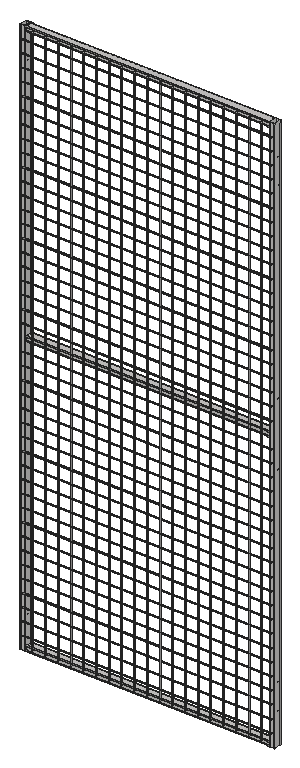
Revit family "conv_troax_wall_separator_ux450", category Sonderausstattung, Revit 2017
Family settings
  Bemaßung runder Anschluss = Durchmesser verwenden
  Teiletyp = Normal
  OmniClass-Nummer = 23.25.40.00
  OmniClass-Titel = Space Division Products
  Arbeitsebenenbasiert = Nein
  Immer vertikal = Ja
  Beim Laden mit Abzugskörper schneiden = Nein
  Gemeinsam genutzt = Nein
  Raumberechnungspunkt = Nein
Parameters (values of type "Caelum mesh panel UX450 1000mm")
  WarrantyStartDate [instance] = "n/a"
  WarrantyGuarantorParts = "n/a"
  WarrantyGuarantorLabor = "n/a"
  WarrantyDurationUnit = "Year"
  WarrantyDurationParts = "n/a"
  WarrantyDurationLabor = "n/a"
  WarrantyDescription = "n/a"
  WallType = ux450 1000 : ux450 1000
  WallPanelMainMaterial = Steel, Carbon
  VersionDate = "08/11/2018"  # constant formula
  Version = "1"  # constant formula
  Uniclass2015Reference = "Pr_25_71_57_60"
  Uniclass2015Description = "Partition panels"
  Uniclass2 = "Pr_25_71_57_60"
  URL = ""
  Type Comments = ""
  TagNumber [instance] = "n/a"
  SustainabilityPerformance = "n/a"
  Size = "32x2200x1000 mm"
  Shape = "Sculptured"
  SerialNumber [instance] = "n/a"
  Revision = "n/a"
  ReplacementCost = "n/a"
  ProductInformation = "Caelum mesh partitioning is a modular system available in various widths and heights that is suitable for industrial storage applications."
  ProductDatasheet = "https://www.troax.com/sites/all/files/files/troax_-_ux_450_caelum_-_2013-07-03.pdf"
  NominalWidth = 1000 mm
  NominalThickness = 0 mm
  NominalHeight = 2200 mm
  NominalDepth = 32 mm
  Name = "Wall_Separator_UX450_1000"
  NBSReference = "45-35-80/420"
  NBSDescription = "Panel partitions"
  ModelReference = "n/a"
  ModelNumber = "n/a"
  Material = "Carbon steel"
  ManufacturerURL = "https://www.troax.com/gb"
  ManufacturerName = "Troax"
  Modell = "Caelum mesh panel UX450 1000mm"
  Hersteller = "Troax"
  MainColor = "Grey"
  InstallationDate [instance] = "n/a"
  IfcExportType = "FENCE"  # constant formula
  IfcExportAs = "IfcSystemFurnitureElementTypePanel"  # constant formula
  HasOpening = yes
  Grade = "n/a"
  FurniturePanelType = "Other"  # constant formula
  Finish = "Powder coated as standard with a grey RAL 7037 finish; however other RAL colors are available upon request, panels can also be supplied hot dip galvanized for external use or in cold storage areas."
  Features = "Mesh panels can be modified on-site to fit any space, providing security where required."
  ExpectedLife = "n/a"
  DurationUnit = "Year"
  Beschreibung = "Caelum mesh partitioning is a modular system available in various widths and heights that is suitable for industrial storage applications. Mesh panels can be modified on-site to fit any space, providing security where required. Applications can range from 800 mm high to a complete floor to ceiling wall. Panels are constructed with a sturdy welded frame that provides added strength. The system is fully demountable and relocatable, and allows natural light and ventilation. Panels are supplied powder coated as standard with a grey RAL 7037 finish; however other RAL colors are available upon request. Panels can also be supplied hot dip galvanized for external use or in cold storage areas."
  Kosten = 0
  ConvergoRefNr = "0054-1811-0021-SE"
  Constituents = "n/a"
  Color = "Grey"
  Collection = "Caelum"
  CodePerformance = "n/a"
  Barcode [instance] = "n/a"
  AssetIdentifier [instance] = "n/a"
  Category = "Mesh partitions"
  Brand = "Troax"
  Author = "Convergo AB"  # constant formula
  AssetType = "Fixed"
  AccessibilityPerformance = "n/a"
Types (9, lengths in mm): name | WallType | URL | Size | NominalWidth | Name | Modell | ConvergoRefNr
  (no name) | ux450 1000 : ux450 1000 | "" | "32x2200x1000 mm" | 1000 | "Wall_Separator_UX450_1000" | "Caelum mesh panel UX450 1000mm" | "0054-1811-0021-SE"
  Caelum mesh panel UX450 200mm | ux450 200 : ux450 200 | "https://www.troax.com/ro/warehouse-partitioning/warehouse-partitions-and-industrial-partitions#qt-related-product-index=1" | "32x2200x200 mm" | 200 | "Wall_Separator_UX450_200" | "Caelum mesh panel UX450 200mm" | "0054-1811-0016-SE"
  Caelum mesh panel UX450 300mm | ux450 300 : ux450 300 | "https://www.troax.com/ro/warehouse-partitioning/warehouse-partitions-and-industrial-partitions#qt-related-product-index=1" | "32x2200x300 mm" | 300 | "Wall_Separator_UX450_300" | "Caelum mesh panel UX450 300mm" | "0054-1811-0017-SE"
  Caelum mesh panel UX450 700mm | ux450 700 : ux450 700 | "https://www.troax.com/ro/warehouse-partitioning/warehouse-partitions-and-industrial-partitions#qt-related-product-index=1" | "32x2200x700 mm" | 700 | "Wall_Separator_UX450_700" | "Caelum mesh panel UX450 700mm" | "0054-1811-0019-SE"
  Caelum mesh panel UX450 500mm | ux450 500 : ux450 500 | "https://www.troax.com/ro/warehouse-partitioning/warehouse-partitions-and-industrial-partitions#qt-related-product-index=1" | "32x2200x500 mm" | 500 | "Wall_Separator_UX450_500" | "Caelum mesh panel UX450 500mm" | "0054-1811-0018-SE"
  Caelum mesh panel UX450 1000mm | ux450 1000 : ux450 1000 | "" | "32x2200x1000 mm" | 1000 | "Wall_Separator_UX450_1000" | "Caelum mesh panel UX450 1000mm" | "0054-1811-0021-SE"
  Caelum mesh panel UX450 1200mm | ux450 1200 : ux450 1200 | "https://www.troax.com/ro/warehouse-partitioning/warehouse-partitions-and-industrial-partitions#qt-related-product-index=1" | "32x2200x1200 mm" | 1200 | "Wall_Separator_UX450_1200" | "Caelum mesh panel UX450 1200mm" | "0054-1811-0022-SE"
  Caelum mesh panel UX450 1500mm | ux450 1500 : ux450 1500 | "https://www.troax.com/ro/warehouse-partitioning/warehouse-partitions-and-industrial-partitions#qt-related-product-index=1" | "32x2200x1500 mm" | 1500 | "Wall_Separator_UX450_1500" | "Caelum mesh panel UX450 1500mm" | "0054-1811-0023-SE"
  Caelum mesh panel UX450 800mm | ux450 800 : ux450 800 | "https://www.troax.com/ro/warehouse-partitioning/warehouse-partitions-and-industrial-partitions#qt-related-product-index=1" | "32x2200x800 mm" | 800 | "Wall_Separator_UX450_800" | "Caelum mesh panel UX450 800mm" | "0054-1811-0020-SE"
Reference planes
  plane 1 "Center (Front/Back)": y = 0
  plane 2: z = 0
  plane 3 "Center (Left/Right)": x = 0
  plane 4: x = -500
  plane 5: x = 500
  plane 6: z = 2200
  plane 7: y = 16
  plane 8: y = -16
Dimensions and locks
  equal spacing: plane 4, plane 3 "Center (Left/Right)", plane 5
  "NominalWidth": plane 4 to plane 5
  "NominalHeight": plane 6 to level
  equal spacing: plane 7, plane 1 "Center (Front/Back)", plane 8
  "NominalDepth": plane 7 to plane 8
  aligned and locked: level to plane 2
Nested families
  nested 1: "ux450 1000" at (0, 0, 0), type <- "WallType", MeshMaterial <- "WallPanelMainMaterial", type "ux450 1000"
    with MeshMaterial Steel, Carbon
Definition of nested family "ux450 1000"
  Parameters (values of type "ux450 1000")
    MeshMaterial [instance] = none
  Reference planes
    plane 1 "Center (Front/Back)": y = 0
    plane 2: z = 0
    plane 3 "Center (Left/Right)": x = 0
    plane 4: x = 500
    plane 5: x = -500
    plane 6: z = 2200
    plane 7: y = 16
    plane 8: y = -16
  Forms (mm)
    Extrusion 1, solid, material <- "MeshMaterial", detail levels medium+fine
      sketch origin (0, 0.7, 0) x (1, 0, 0) y (0, 1, 0)
        loop
          circle (-50, -15.2) r 1.5
        loop
          circle (0, -15.2) r 1.5
        loop
          circle (50, -15.2) r 1.5
        loop
          circle (-100, -15.2) r 1.5
        loop
          circle (100, -15.2) r 1.5
        loop
          circle (150, -15.2) r 1.5
        loop
          circle (200, -15.2) r 1.5
        loop
          circle (-150, -15.2) r 1.5
        loop
          circle (-200, -15.2) r 1.5
        loop
          circle (-250, -15.2) r 1.5
        loop
          circle (-300, -15.2) r 1.5
        loop
          circle (250, -15.2) r 1.5
        loop
          circle (300, -15.2) r 1.5
        loop
          circle (-350, -15.2) r 1.5
        loop
          circle (350, -15.2) r 1.5
        loop
          circle (-400, -15.2) r 1.5
        loop
          circle (-450, -15.2) r 1.5
        loop
          circle (400, -15.2) r 1.5
        loop
          circle (450, -15.2) r 1.5
      from 10 to 2190
    Extrusion 2, solid, material <- "MeshMaterial", detail levels medium+fine
      sketch origin (0, -4.65, 0) x (0, 1, 0) y (0, 0, 1)
        loop
          circle (-8.5, 2150) r 1.85
        loop
          circle (-8.5, 2100) r 1.85
        loop
          circle (-8.5, 2050) r 1.85
        loop
          circle (-8.5, 2000) r 1.85
        loop
          circle (-8.5, 1950) r 1.85
        loop
          circle (-8.5, 1900) r 1.85
        loop
          circle (-8.5, 1850) r 1.85
        loop
          circle (-8.5, 1800) r 1.85
        loop
          circle (-8.5, 1750) r 1.85
        loop
          circle (-8.5, 1700) r 1.85
        loop
          circle (-8.5, 1650) r 1.85
        loop
          circle (-8.5, 1600) r 1.85
        loop
          circle (-8.5, 1550) r 1.85
        loop
          circle (-8.5, 1500) r 1.85
        loop
          circle (-8.5, 1450) r 1.85
        loop
          circle (-8.5, 1400) r 1.85
        loop
          circle (-8.5, 1350) r 1.85
        loop
          circle (-8.5, 1300) r 1.85
        loop
          circle (-8.5, 1250) r 1.85
        loop
          circle (-8.5, 1200) r 1.85
        loop
          circle (-8.5, 1150) r 1.85
        loop
          circle (-8.5, 1050) r 1.85
        loop
          circle (-8.5, 1000) r 1.85
        loop
          circle (-8.5, 950) r 1.85
        loop
          circle (-8.5, 900) r 1.85
        loop
          circle (-8.5, 850) r 1.85
        loop
          circle (-8.5, 800) r 1.85
        loop
          circle (-8.5, 750) r 1.85
        loop
          circle (-8.5, 700) r 1.85
        loop
          circle (-8.5, 650) r 1.85
        loop
          circle (-8.5, 600) r 1.85
        loop
          circle (-8.5, 550) r 1.85
        loop
          circle (-8.5, 500) r 1.85
        loop
          circle (-8.5, 450) r 1.85
        loop
          circle (-8.5, 400) r 1.85
        loop
          circle (-8.5, 350) r 1.85
        loop
          circle (-8.5, 300) r 1.85
        loop
          circle (-8.5, 250) r 1.85
        loop
          circle (-8.5, 200) r 1.85
        loop
          circle (-8.5, 150) r 1.85
        loop
          circle (-8.5, 100) r 1.85
        loop
          circle (-8.5, 50) r 1.85
      from -490.001 to 490
    Extrusion 3, solid, material <- "MeshMaterial", detail levels medium+fine
      sketch origin (-100, 0, 0) x (1, 0, 0) y (0, 1, 0)
        loop
          line (-400, 14.5) -> (-400, -12.5)
          arc (-400, -12.5) -> (-399.561, -13.561) -> (-398.5, -14) r 1.5
          line (-398.5, -14) -> (-381.501, -14)
          arc (-381.501, -14) -> (-380.441, -13.561) -> (-380.001, -12.5) r 1.5
          line (-380.001, -12.5) -> (-380.001, 14.5)
          arc (-380.001, 14.5) -> (-380.441, 15.561) -> (-381.501, 16) r 1.5
          line (-381.501, 16) -> (-398.5, 16)
          arc (-398.5, 16) -> (-399.561, 15.561) -> (-400, 14.5) r 1.5
        loop
          line (-398.751, 14.75) -> (-398.751, -11.787) -> (-381.251, -11.787) -> (-381.251, 14.75) -> (-398.751, 14.75)
      from 0 to 2200
    Extrusion 4, solid, material <- "MeshMaterial", detail levels medium+fine
      sketch origin (-200, 0, 0) x (-1, 0, 0) y (0, -1, 0)
        loop
          line (-698.751, -14.75) -> (-681.251, -14.75) -> (-681.251, 12.75) -> (-698.751, 12.75) -> (-698.751, -14.75)
        loop
          line (-700, 12.5) -> (-700, -14.5)
          arc (-700, -14.5) -> (-699.561, -15.561) -> (-698.5, -16) r 1.5
          line (-698.5, -16) -> (-681.501, -16)
          arc (-681.501, -16) -> (-680.441, -15.561) -> (-680.001, -14.5) r 1.5
          line (-680.001, -14.5) -> (-680.001, 12.5)
          arc (-680.001, 12.5) -> (-680.441, 13.561) -> (-681.501, 14) r 1.5
          line (-681.501, 14) -> (-698.5, 14)
          arc (-698.5, 14) -> (-699.561, 13.561) -> (-700, 12.5) r 1.5
      from 0 to 2200
    Extrusion 5, solid, material <- "MeshMaterial", detail levels medium+fine
      sketch origin (0, 0, 0) x (0, 1, 0) y (0, 0, 1)
        loop
          line (14.7, 2200) -> (-12.787, 2200)
          arc (-12.787, 2200) -> (-14, 2198.25) -> (-12.787, 2196.5) r 1.869
          line (-12.787, 2196.5) -> (-12.787, 2184.5)
          arc (-12.787, 2184.5) -> (-13.988, 2182.75) -> (-12.787, 2181) r 1.875
          line (-12.787, 2181) -> (14.7, 2181)
          arc (14.7, 2181) -> (15.619, 2181.381) -> (16, 2182.3) r 1.3
          line (16, 2182.3) -> (16, 2198.7)
          arc (16, 2198.7) -> (15.619, 2199.619) -> (14.7, 2200) r 1.3
        loop
          line (15, 2182) -> (15, 2199) -> (-11.787, 2199) -> (-11.787, 2182) -> (15, 2182)
      from -480 to 480
    Extrusion 6, void
      sketch origin (0, -0.25, 0) x (0, 1, 0) y (0, 0, 1)
        loop
          circle (1.25, 2075) r 5
        loop
          circle (1.25, 1975) r 5
        loop
          circle (1.25, 1225) r 5
        loop
          circle (1.25, 975) r 5
        loop
          circle (1.25, 225) r 5
        loop
          circle (1.25, 125) r 5
      from -2443.968 to 2106.031
    Extrusion 7, solid, material <- "MeshMaterial", detail levels coarse
      sketch origin (0, 0, 0) x (1, 0, 0) y (0, 1, 0)
        loop
          line (-500, -16) -> (500, -16) -> (500, 16) -> (-500, 16) -> (-500, -16)
      from 0 to 2200
    Extrusion 8, solid, material <- "MeshMaterial", detail levels medium+fine
      sketch origin (0, 0, -1090.5) x (0, 1, 0) y (0, 0, 1)
        loop
          line (14.7, 2200) -> (-12.787, 2200)
          arc (-12.787, 2200) -> (-14, 2198.25) -> (-12.787, 2196.5) r 1.869
          line (-12.787, 2196.5) -> (-12.787, 2184.5)
          arc (-12.787, 2184.5) -> (-13.988, 2182.75) -> (-12.787, 2181) r 1.875
          line (-12.787, 2181) -> (14.7, 2181)
          arc (14.7, 2181) -> (15.619, 2181.381) -> (16, 2182.3) r 1.3
          line (16, 2182.3) -> (16, 2198.7)
          arc (16, 2198.7) -> (15.619, 2199.619) -> (14.7, 2200) r 1.3
        loop
          line (15, 2182) -> (15, 2199) -> (-11.787, 2199) -> (-11.787, 2182) -> (15, 2182)
      from -480 to 480
    Extrusion 9, solid, material <- "MeshMaterial", detail levels medium+fine
      sketch origin (0, 0, -2181) x (0, 1, 0) y (0, 0, 1)
        loop
          line (14.7, 2200) -> (-12.787, 2200)
          arc (-12.787, 2200) -> (-14, 2198.25) -> (-12.787, 2196.5) r 1.869
          line (-12.787, 2196.5) -> (-12.787, 2184.5)
          arc (-12.787, 2184.5) -> (-13.988, 2182.75) -> (-12.787, 2181) r 1.875
          line (-12.787, 2181) -> (14.7, 2181)
          arc (14.7, 2181) -> (15.619, 2181.381) -> (16, 2182.3) r 1.3
          line (16, 2182.3) -> (16, 2198.7)
          arc (16, 2198.7) -> (15.619, 2199.619) -> (14.7, 2200) r 1.3
        loop
          line (15, 2182) -> (15, 2199) -> (-11.787, 2199) -> (-11.787, 2182) -> (15, 2182)
      from -480 to 480
  Cuts and joins
    Extrusion 6 cuts Extrusion 4
    Extrusion 6 cuts Extrusion 3
  Lines and regions (mm)
    symbolic lines, detail levels medium+fine
      curve 1: line (0, 16, 2200) -> (0, 16, 0)
      curve 2: line (0, 16, 0) -> (0, -14, 0)
      curve 3: line (0, -14, 0) -> (0, -14, 10)
      curve 4: line (0, -14, 10) -> (0, -16, 10)
      curve 5: line (0, -16, 10) -> (0, -16, 2190)
      curve 6: line (0, -16, 2190) -> (0, -14, 2190)
      curve 7: line (0, -14, 2190) -> (0, -14, 2200)
      curve 8: line (0, -14, 2200) -> (0, 16, 2200)
      curve 22: line (-500, 0, 2200) -> (500, 0, 2200)
      curve 23: line (-500, 0, 0) -> (-500, 0, 2200)
      curve 24: line (500, 0, 0) -> (-500, 0, 0)
      curve 25: line (500, 0, 2200) -> (500, 0, 0)
    symbolic lines, detail levels fine
      curve 9: line (0, -14, 2190) -> (0, -14, 10)
      curve 10: arc (0, 6, 2075) -> (0, 1, 2080) -> (0, -4, 2075) r 5
      curve 11: arc (0, -4, 2075) -> (0, 1, 2070) -> (0, 6, 2075) r 5
      curve 12: arc (0, 6, 1975) -> (0, 1, 1980) -> (0, -4, 1975) r 5
      curve 13: arc (0, -4, 1975) -> (0, 1, 1970) -> (0, 6, 1975) r 5
      curve 14: arc (0, 6, 1225) -> (0, 1, 1230) -> (0, -4, 1225) r 5
      curve 15: arc (0, -4, 1225) -> (0, 1, 1220) -> (0, 6, 1225) r 5
      curve 16: arc (0, -4, 975) -> (0, 1, 970) -> (0, 6, 975) r 5
      curve 17: arc (0, 6, 975) -> (0, 1, 980) -> (0, -4, 975) r 5
      curve 18: arc (0, 6, 225) -> (0, 1, 230) -> (0, -4, 225) r 5
      curve 19: arc (0, -4, 225) -> (0, 1, 220) -> (0, 6, 225) r 5
      curve 20: arc (0, 6, 125) -> (0, 1, 130) -> (0, -4, 125) r 5
      curve 21: arc (0, -4, 125) -> (0, 1, 120) -> (0, 6, 125) r 5
      curve 26: line (-480, 0, 3.5) -> (480, 0, 3.5)
      curve 27: line (-480, 0, 19) -> (480, 0, 19)
      curve 28: line (-480, 0, 15.5) -> (480, 0, 15.5)
      curve 29: line (-480, 0, 2200) -> (-480, 0, 0)
      curve 30: line (-480, 0, 2196.5) -> (480, 0, 2196.5)
      curve 31: line (-480, 0, 2184.5) -> (480, 0, 2184.5)
      curve 32: line (-480, 0, 2181) -> (480, 0, 2181)
      curve 33: line (480, 0, 2200) -> (480, 0, 0)
      curve 34: line (-450, 0, 10) -> (-450, 0, 2190)
      curve 35: line (-400, 0, 10) -> (-400, 0, 2190)
      curve 36: line (-350, 0, 10) -> (-350, 0, 2190)
      curve 37: line (-480, 0, 1094) -> (480, 0, 1094)
      curve 38: line (-480, 0, 1109.5) -> (480, 0, 1109.5)
      curve 39: line (-480, 0, 1106) -> (480, 0, 1106)
      curve 40: line (-480, 0, 1090.5) -> (480, 0, 1090.5)
      curve 44: arc (-498.5, 16, 0) -> (-499.561, 15.561, 0) -> (-500, 14.5, 0) r 1.5
      curve 45: line (-481.501, 16, 0) -> (-498.5, 16, 0)
      curve 46: arc (-480.001, 14.5, 0) -> (-480.441, 15.561, 0) -> (-481.501, 16, 0) r 1.5
      curve 47: line (-480.001, -12.5, 0) -> (-480.001, 14.5, 0)
      curve 48: line (-500, 14.5, 0) -> (-500, -12.5, 0)
      curve 49: arc (-500, -12.5, 0) -> (-499.561, -13.561, 0) -> (-498.5, -14, 0) r 1.5
      curve 50: line (-498.5, -14, 0) -> (-481.501, -14, 0)
      curve 51: arc (-481.501, -14, 0) -> (-480.441, -13.561, 0) -> (-480.001, -12.5, 0) r 1.5
      curve 52: line (-481.251, 14.75, 0) -> (-481.251, -12.75, 0)
      curve 53: line (-481.251, -12.75, 0) -> (-498.751, -12.75, 0)
      curve 54: line (-498.751, -12.75, 0) -> (-498.751, 14.75, 0)
      curve 55: line (-498.751, 14.75, 0) -> (-481.251, 14.75, 0)
      curve 56: line (-490.001, -12.75, 0) -> (-490.001, -11.284, 0)
      curve 57: line (-490.001, -11.284, 0) -> (-481.251, -11.284, 0)
      curve 58: line (-490.001, -14, 0) -> (-490.001, -15, 0)
      curve 59: line (-490.001, -15, 0) -> (-451.414, -15, 0)
      curve 61: arc (498.5, 16, 0) -> (499.561, 15.561, 0) -> (500, 14.5, 0) r 1.5
      curve 62: line (481.501, 16, 0) -> (498.5, 16, 0)
      curve 63: arc (480.001, 14.5, 0) -> (480.441, 15.561, 0) -> (481.501, 16, 0) r 1.5
      curve 64: line (480.001, -12.5, 0) -> (480.001, 14.5, 0)
      curve 65: line (500, 14.5, 0) -> (500, -12.5, 0)
      curve 66: arc (500, -12.5, 0) -> (499.561, -13.561, 0) -> (498.5, -14, 0) r 1.5
      curve 67: line (498.5, -14, 0) -> (481.501, -14, 0)
      curve 68: arc (481.501, -14, 0) -> (480.441, -13.561, 0) -> (480.001, -12.5, 0) r 1.5
      curve 69: line (481.251, 14.75, 0) -> (481.251, -12.75, 0)
      curve 70: line (481.251, -12.75, 0) -> (498.751, -12.75, 0)
      curve 71: line (498.751, -12.75, 0) -> (498.751, 14.75, 0)
      curve 72: line (498.751, 14.75, 0) -> (481.251, 14.75, 0)
      curve 73: line (490.001, -12.75, 0) -> (490.001, -11.284, 0)
      curve 74: line (490.001, -11.284, 0) -> (481.251, -11.284, 0)
      curve 75: line (490.001, -14, 0) -> (490.001, -15, 0)
      curve 76: line (-480.001, 14.5, 0) -> (-480.001, 16, 0)
      curve 77: line (480.001, 16, 0) -> (480.001, 14.5, 0)
      curve 78: line (-480.001, -12.5, 0) -> (-480.001, -13.988, 0)
      curve 79: line (480.001, -13.988, 0) -> (480.001, -12.5, 0)
      curve 80: line (480.001, -13.988, 0) -> (-480.001, -13.988, 0)
      curve 81: arc (-51.41, -13.988, 0) -> (-50, -16, 0) -> (-48.59, -13.988, 0) r 1.5
      curve 82: arc (-1.41, -13.988, 0) -> (0, -16, 0) -> (1.41, -13.988, 0) r 1.5
      curve 83: arc (51.41, -13.988, 0) -> (50, -16, 0) -> (48.59, -13.988, 0) r 1.5
      curve 84: line (-48.586, -15, 0) -> (-1.414, -15, 0)
      curve 85: line (1.414, -15, 0) -> (48.586, -15, 0)
      curve 86: line (451.414, -15, 0) -> (490.001, -15, 0)
      curve 87: arc (101.41, -13.988, 0) -> (100, -16, 0) -> (98.59, -13.988, 0) r 1.5
      curve 88: line (51.414, -15, 0) -> (98.586, -15, 0)
      curve 89: arc (-101.41, -13.988, 0) -> (-100, -16, 0) -> (-98.59, -13.988, 0) r 1.5
      curve 90: line (-98.586, -15, 0) -> (-51.414, -15, 0)
      curve 91: line (450, 0, 10) -> (450, 0, 2190)
      curve 92: line (-100, 0, 10) -> (-100, 0, 2190)
      curve 93: arc (0, -14, 2151.643) -> (0, -15, 2150) -> (0, -14, 2148.357) r 1.85
      curve 94: arc (0, -14, 2101.643) -> (0, -15, 2100) -> (0, -14, 2098.357) r 1.85
      curve 95: arc (0, -14, 2051.643) -> (0, -15, 2050) -> (0, -14, 2048.357) r 1.85
      curve 96: arc (0, -14, 2001.643) -> (0, -15, 2000) -> (0, -14, 1998.357) r 1.85
      curve 97: arc (0, -14, 1951.643) -> (0, -15, 1950) -> (0, -14, 1948.357) r 1.85
      curve 98: arc (0, -14, 1901.643) -> (0, -15, 1900) -> (0, -14, 1898.357) r 1.85
      curve 99: arc (0, -14, 1851.643) -> (0, -15, 1850) -> (0, -14, 1848.357) r 1.85
      curve 100: arc (0, -14, 1801.643) -> (0, -15, 1800) -> (0, -14, 1798.357) r 1.85
      curve 101: arc (0, -14, 1751.643) -> (0, -15, 1750) -> (0, -14, 1748.357) r 1.85
      curve 102: arc (0, -14, 1701.643) -> (0, -15, 1700) -> (0, -14, 1698.357) r 1.85
      curve 103: arc (0, -14, 1651.643) -> (0, -15, 1650) -> (0, -14, 1648.357) r 1.85
      curve 104: arc (0, -14, 1601.643) -> (0, -15, 1600) -> (0, -14, 1598.357) r 1.85
      curve 105: arc (0, -14, 1551.643) -> (0, -15, 1550) -> (0, -14, 1548.357) r 1.85
      curve 106: arc (0, -14, 1501.643) -> (0, -15, 1500) -> (0, -14, 1498.357) r 1.85
      curve 107: arc (0, -14, 1451.643) -> (0, -15, 1450) -> (0, -14, 1448.357) r 1.85
      curve 108: arc (0, -14, 1401.643) -> (0, -15, 1400) -> (0, -14, 1398.357) r 1.85
      curve 109: arc (0, -14, 1351.643) -> (0, -15, 1350) -> (0, -14, 1348.357) r 1.85
      curve 110: arc (0, -14, 1301.643) -> (0, -15, 1300) -> (0, -14, 1298.357) r 1.85
      curve 111: arc (0, -14, 1251.643) -> (0, -15, 1250) -> (0, -14, 1248.357) r 1.85
      curve 112: arc (0, -14, 1201.643) -> (0, -15, 1200) -> (0, -14, 1198.357) r 1.85
      curve 113: arc (0, -14, 1151.643) -> (0, -15, 1150) -> (0, -14, 1148.357) r 1.85
      curve 114: arc (0, -14, 1051.643) -> (0, -15, 1050) -> (0, -14, 1048.357) r 1.85
      curve 115: arc (0, -14, 1001.643) -> (0, -15, 1000) -> (0, -14, 998.357) r 1.85
      curve 116: arc (0, -14, 951.643) -> (0, -15, 950) -> (0, -14, 948.357) r 1.85
      curve 117: arc (0, -14, 901.643) -> (0, -15, 900) -> (0, -14, 898.357) r 1.85
      curve 118: arc (0, -14, 851.643) -> (0, -15, 850) -> (0, -14, 848.357) r 1.85
      curve 119: arc (0, -14, 801.643) -> (0, -15, 800) -> (0, -14, 798.357) r 1.85
      curve 120: arc (0, -14, 751.643) -> (0, -15, 750) -> (0, -14, 748.357) r 1.85
      curve 121: arc (0, -14, 701.643) -> (0, -15, 700) -> (0, -14, 698.357) r 1.85
      curve 122: arc (0, -14, 651.643) -> (0, -15, 650) -> (0, -14, 648.357) r 1.85
      curve 123: arc (0, -14, 601.643) -> (0, -15, 600) -> (0, -14, 598.357) r 1.85
      curve 124: arc (0, -14, 551.643) -> (0, -15, 550) -> (0, -14, 548.357) r 1.85
      curve 125: arc (0, -14, 501.643) -> (0, -15, 500) -> (0, -14, 498.357) r 1.85
      curve 126: arc (0, -14, 451.643) -> (0, -15, 450) -> (0, -14, 448.357) r 1.85
      curve 127: arc (0, -14, 401.643) -> (0, -15, 400) -> (0, -14, 398.357) r 1.85
      curve 128: arc (0, -14, 351.643) -> (0, -15, 350) -> (0, -14, 348.357) r 1.85
      curve 129: arc (0, -14, 301.643) -> (0, -15, 300) -> (0, -14, 298.357) r 1.85
      curve 130: arc (0, -14, 251.643) -> (0, -15, 250) -> (0, -14, 248.357) r 1.85
      curve 131: arc (0, -14, 201.643) -> (0, -15, 200) -> (0, -14, 198.357) r 1.85
      curve 132: arc (0, -14, 151.643) -> (0, -15, 150) -> (0, -14, 148.357) r 1.85
      curve 133: arc (0, -14, 101.643) -> (0, -15, 100) -> (0, -14, 98.357) r 1.85
      curve 134: arc (0, -14, 51.643) -> (0, -15, 50) -> (0, -14, 48.357) r 1.85
      curve 135: arc (-151.41, -13.988, 0) -> (-150, -16, 0) -> (-148.59, -13.988, 0) r 1.5
      curve 136: line (-148.586, -15, 0) -> (-101.414, -15, 0)
      curve 137: arc (-201.41, -13.988, 0) -> (-200, -16, 0) -> (-198.59, -13.988, 0) r 1.5
      curve 138: line (-198.586, -15, 0) -> (-151.414, -15, 0)
      curve 139: arc (151.41, -13.988, 0) -> (150, -16, 0) -> (148.59, -13.988, 0) r 1.5
      curve 140: line (101.414, -15, 0) -> (148.586, -15, 0)
      curve 141: arc (201.41, -13.988, 0) -> (200, -16, 0) -> (198.59, -13.988, 0) r 1.5
      curve 142: line (151.414, -15, 0) -> (198.586, -15, 0)
      curve 143: line (-300, 0, 10) -> (-300, 0, 2190)
      curve 144: line (-250, 0, 10) -> (-250, 0, 2190)
      curve 145: line (-200, 0, 10) -> (-200, 0, 2190)
      curve 146: line (-150, 0, 10) -> (-150, 0, 2190)
      curve 147: arc (-251.41, -13.988, 0) -> (-250, -16, 0) -> (-248.59, -13.988, 0) r 1.5
      curve 148: line (-248.586, -15, 0) -> (-201.414, -15, 0)
      curve 149: arc (-301.41, -13.988, 0) -> (-300, -16, 0) -> (-298.59, -13.988, 0) r 1.5
      curve 150: line (-298.586, -15, 0) -> (-251.414, -15, 0)
      curve 151: arc (251.41, -13.988, 0) -> (250, -16, 0) -> (248.59, -13.988, 0) r 1.5
      curve 152: line (201.414, -15, 0) -> (248.586, -15, 0)
      curve 153: arc (301.41, -13.988, 0) -> (300, -16, 0) -> (298.59, -13.988, 0) r 1.5
      curve 154: line (251.414, -15, 0) -> (298.586, -15, 0)
      curve 155: line (-50, 0, 10) -> (-50, 0, 2190)
      curve 156: line (200, 0, 10) -> (200, 0, 2190)
      curve 157: line (350, 0, 10) -> (350, 0, 2190)
      curve 158: line (400, 0, 10) -> (400, 0, 2190)
      curve 159: line (-490, 0, 50) -> (490, 0, 50)
      curve 160: arc (-351.41, -13.988, 0) -> (-350, -16, 0) -> (-348.59, -13.988, 0) r 1.5
      curve 161: line (-348.586, -15, 0) -> (-301.414, -15, 0)
      curve 162: arc (351.41, -13.988, 0) -> (350, -16, 0) -> (348.59, -13.988, 0) r 1.5
      curve 163: line (301.414, -15, 0) -> (348.586, -15, 0)
      curve 164: line (250, 0, 10) -> (250, 0, 2190)
      curve 165: line (300, 0, 10) -> (300, 0, 2190)
      curve 166: arc (401.41, -13.988, 0) -> (400, -16, 0) -> (398.59, -13.988, 0) r 1.5
      curve 167: line (351.414, -15, 0) -> (398.586, -15, 0)
      curve 168: arc (451.41, -13.988, 0) -> (450, -16, 0) -> (448.59, -13.988, 0) r 1.5
      curve 169: line (401.414, -15, 0) -> (448.586, -15, 0)
      curve 170: arc (-401.41, -13.988, 0) -> (-400, -16, 0) -> (-398.59, -13.988, 0) r 1.5
      curve 171: line (-398.586, -15, 0) -> (-351.414, -15, 0)
      curve 172: arc (-451.41, -13.988, 0) -> (-450, -16, 0) -> (-448.59, -13.988, 0) r 1.5
      curve 173: line (-448.586, -15, 0) -> (-401.414, -15, 0)
      curve 174: line (100, 0, 10) -> (100, 0, 2190)
      curve 175: line (0, 0, 10) -> (0, 0, 2190)
      curve 176: line (50, 0, 10) -> (50, 0, 2190)
      curve 177: line (150, 0, 10) -> (150, 0, 2190)
      curve 178: line (-490, 0, 100) -> (490, 0, 100)
      curve 179: line (-490, 0, 150) -> (490, 0, 150)
      curve 180: line (-490, 0, 200) -> (490, 0, 200)
      curve 181: line (-490, 0, 250) -> (490, 0, 250)
      curve 182: line (-490, 0, 300) -> (490, 0, 300)
      curve 183: line (-490, 0, 350) -> (490, 0, 350)
      curve 184: line (-490, 0, 400) -> (490, 0, 400)
      curve 185: line (-490, 0, 450) -> (490, 0, 450)
      curve 186: line (-490, 0, 500) -> (490, 0, 500)
      curve 187: line (-490, 0, 550) -> (490, 0, 550)
      curve 188: line (-490, 0, 600) -> (490, 0, 600)
      curve 189: line (-490, 0, 650) -> (490, 0, 650)
      curve 190: line (-490, 0, 700) -> (490, 0, 700)
      curve 191: line (-490, 0, 750) -> (490, 0, 750)
      curve 192: line (-490, 0, 800) -> (490, 0, 800)
      curve 193: line (-490, 0, 850) -> (490, 0, 850)
      curve 194: line (-490, 0, 900) -> (490, 0, 900)
      curve 195: line (-490, 0, 950) -> (490, 0, 950)
      curve 196: line (-490, 0, 1000) -> (490, 0, 1000)
      curve 197: line (-490, 0, 1050) -> (490, 0, 1050)
      curve 198: line (-490, 0, 2150) -> (490, 0, 2150)
      curve 199: line (-490, 0, 2100) -> (490, 0, 2100)
      curve 200: line (-490, 0, 2050) -> (490, 0, 2050)
      curve 201: line (-490, 0, 2000) -> (490, 0, 2000)
      curve 202: line (-490, 0, 1950) -> (490, 0, 1950)
      curve 203: line (-490, 0, 1900) -> (490, 0, 1900)
      curve 204: line (-490, 0, 1850) -> (490, 0, 1850)
      curve 205: line (-490, 0, 1800) -> (490, 0, 1800)
      curve 206: line (-490, 0, 1750) -> (490, 0, 1750)
      curve 207: line (-490, 0, 1700) -> (490, 0, 1700)
      curve 208: line (-490, 0, 1650) -> (490, 0, 1650)
      curve 209: line (-490, 0, 1600) -> (490, 0, 1600)
      curve 210: line (-490, 0, 1550) -> (490, 0, 1550)
      curve 211: line (-490, 0, 1500) -> (490, 0, 1500)
      curve 212: line (-490, 0, 1450) -> (490, 0, 1450)
      curve 213: line (-490, 0, 1400) -> (490, 0, 1400)
      curve 214: line (-490, 0, 1350) -> (490, 0, 1350)
      curve 215: line (-490, 0, 1300) -> (490, 0, 1300)
      curve 216: line (-490, 0, 1250) -> (490, 0, 1250)
      curve 217: line (-490, 0, 1200) -> (490, 0, 1200)
      curve 218: line (-490, 0, 1150) -> (490, 0, 1150)
      curve 219: line (-480.001, 16, 0) -> (480.001, 16, 0)
    symbolic lines, detail levels medium
      curve 41: line (-500, 16, 0) -> (500, 16, 0)
      curve 42: line (-500, -16, 0) -> (-500, 16, 0)
      curve 43: line (500, -16, 0) -> (-500, -16, 0)
      curve 60: line (500, -16, 0) -> (500, 16, 0)
  Dimensions and locks
    aligned and locked: level to plane 2
    aligned and locked: plane 5 to Extrusion 7
    aligned and locked: plane 4 to Extrusion 7
